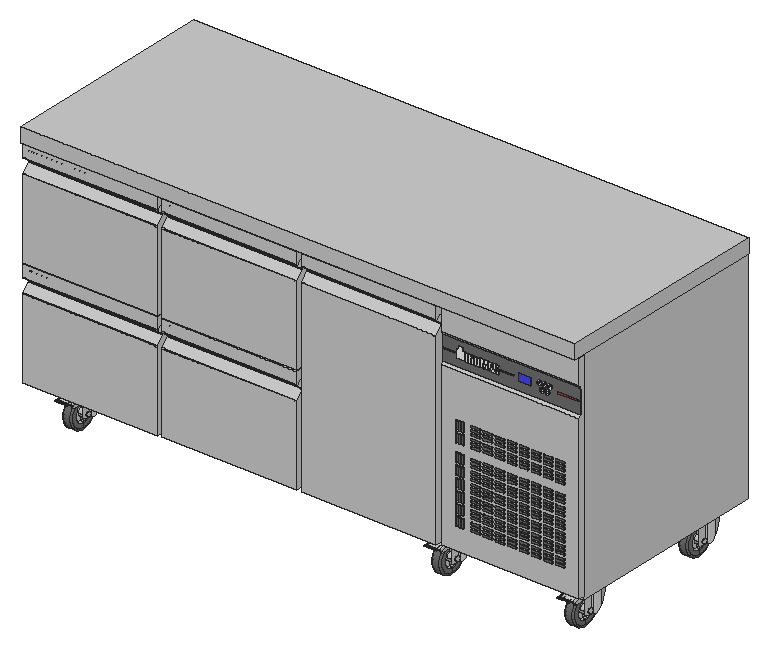
Revit family "QF_INOMAK_PNRP999_250513024609", category Specialty Equipment, Revit 2021 (continued)
Definition of nested family "QF_INOMAK_REF_COUNTERS_DOORS_DRAWERS_25919"
  Definition of nested family "2_Drawers_1-2"
    Forms (mm)
      Extrusion 1, solid, material <- "Finish", visible <- "2 Drawers"
        sketch origin (35, 0, 0) x (0, -1, 0) y (0, 0, 1)
          loop
            line (690, 602) -> (690, 960.365)
            arc (690, 960.365) -> (689.866, 961.037) -> (689.485, 961.607) r 1.757
            line (689.485, 961.607) -> (666.663, 984.429)
            arc (666.663, 984.429) -> (665.976, 985.458) -> (665.734, 986.672) r 3.172
            line (665.734, 986.672) -> (665.734, 1013.576)
            arc (665.734, 1013.576) -> (666.433, 1015.262) -> (668.119, 1015.961) r 2.385
            line (668.119, 1015.961) -> (680.029, 1015.961) -> (686.544, 1006.657)
            arc (686.544, 1006.657) -> (688.671, 1005.935) -> (690, 1007.747) r 1.9
            line (690, 1007.747) -> (690, 1046) -> (648, 1046) -> (648, 602) -> (690, 602)
        from 0 to -1130
      Extrusion 2, solid, visible <- "2 Drawers", detail levels coarse
        sketch origin (0, -640.463, 602) x (0, 1, 0) y (-1, 0, 0)
          loop
            line (-49.537, -35) -> (-624.537, -35) -> (-624.537, -1165) -> (-49.537, -1165) -> (-49.537, -35)
        from 0 to 444
      Extrusion 3, solid, visible <- "2 Drawers", detail levels coarse
        sketch origin (0, -700, 154) x (-1, 0, 0) y (0, 1, 0)
          loop
            line (-35, 10) -> (-1165, 10) -> (-1165, -565) -> (-35, -565) -> (-35, 10)
        from 0 to -444
      Extrusion 4, solid, material <- "Finish", visible <- "2 Drawers"
        sketch origin (35, 0, -441.333) x (0, -1, 0) y (0, 0, 1)
          loop
            line (690, 595.333) -> (690, 953.698)
            arc (690, 953.698) -> (689.866, 954.37) -> (689.485, 954.94) r 1.757
            line (689.485, 954.94) -> (666.663, 977.763)
            arc (666.663, 977.763) -> (665.976, 978.792) -> (665.734, 980.006) r 3.172
            line (665.734, 980.006) -> (665.734, 1006.909)
            arc (665.734, 1006.909) -> (666.433, 1008.596) -> (668.119, 1009.294) r 2.385
            line (668.119, 1009.294) -> (680.029, 1009.294) -> (686.544, 999.991)
            arc (686.544, 999.991) -> (688.671, 999.268) -> (690, 1001.08) r 1.9
            line (690, 1001.08) -> (690, 1039.333) -> (648, 1039.333) -> (648, 595.333) -> (690, 595.333)
        from 0 to -1130
    Lines and regions (mm)
      symbolic lines, visible <- "2 Drawers"
        curve 1: line (35, -940, 900) -> (35, -980, 900)
        curve 2: line (35, -980, 900) -> (1165, -980, 900)
        curve 3: line (1165, -980, 900) -> (1165, -940, 900)
        curve 4: line (1165, -940, 900) -> (35, -940, 900)
        curve 5: line (1135, -940, 900) -> (1135, -700, 900)
        curve 6: line (65, -940, 900) -> (65, -700, 900)
        curve 7: line (35, -1225, 900) -> (35, -1265, 900)
        curve 8: line (35, -1265, 900) -> (1165, -1265, 900)
        curve 9: line (1165, -1265, 900) -> (1165, -1225, 900)
        curve 10: line (1165, -1225, 900) -> (35, -1225, 900)
        curve 11: line (1135, -1225, 900) -> (1135, -980, 900)
        curve 12: line (65, -1225, 900) -> (65, -980, 900)
    Dimensions and locks
      "Length Actual": plane 3 "Left" to plane 4 "Right"
      "Depth Actual": plane 5 "Front" to plane 1 "Back"
      "Height Actual": plane 6 "Top" to plane 8 "Legs top"
      "Front inset": plane 7 "Front legs" to plane 5 "Front"
      "Plinth height": plane 8 "Legs top" to plane 2
      "Rear inset": plane 9 "Backsplash thickness" to plane 1 "Back"
      "Right panel thickness": plane 11 "Right panel" to plane 4 "Right"
      "Left panel thickness": plane 3 "Left" to plane 10 "Left panel"
      "Top inset": plane 6 "Top" to plane 13
      "Bottom inset": plane 16 to plane 8 "Legs top"
      equal spacing: plane 16, plane 12, plane 13
      locked: plane 14 to plane 12 at 2
      locked: plane 15 to plane 12 at 2
      aligned and locked: level to plane 2
      aligned and locked: Extrusion 1 to plane 11 "Right panel"
      aligned and locked: plane 10 "Left panel" to curve 1
      aligned and locked: plane 10 "Left panel" to curve 7
      aligned and locked: Extrusion 2 sketch curve to plane 10 "Left panel"
      aligned and locked: plane 11 "Right panel" to Extrusion 2 sketch curve
      aligned and locked: Extrusion 3 sketch curve to plane 10 "Left panel"
      aligned and locked: plane 11 "Right panel" to Extrusion 3 sketch curve
      aligned and locked: Extrusion 2 to plane 13
      aligned and locked: Extrusion 4 to plane 11 "Right panel"
      aligned and locked: Extrusion 3 to plane 15
      aligned and locked: Extrusion 1 sketch curve to plane 13
      aligned and locked: Extrusion 1 sketch curve to plane 7 "Front legs"
      aligned and locked: plane 14 to Extrusion 1 sketch curve
      aligned and locked: Extrusion 4 sketch curve to plane 15
      aligned and locked: Extrusion 4 sketch curve to plane 7 "Front legs"
      aligned and locked: Extrusion 4 sketch curve to plane 16
    Automatic sketch dimensions
      Extrusion 2 sketch curve to plane 7 "Front legs" = 0 mm
      Extrusion 2 sketch curve to plane 5 "Front" = 565 mm
      Extrusion 3 sketch curve to plane 7 "Front legs" = 0 mm
      Extrusion 3 sketch curve to plane 5 "Front" = 565 mm
      curve 9 to plane 11 "Right panel" = 0 mm
      curve 2 to plane 11 "Right panel" = 0 mm
      curve 5 to plane 5 "Front" = 0 mm
      curve 6 to plane 5 "Front" = 0 mm
      curve 1 to plane 5 "Front" = 240 mm
      curve 3 to curve 3 = 40 mm
      curve 7 to curve 1 = 245 mm
      curve 8 to curve 9 = 40 mm
      plane 11 "Right panel" to curve 5 = 30 mm
      curve 2 to curve 11 = 30 mm
      curve 6 to plane 10 "Left panel" = 30 mm
      curve 12 to plane 10 "Left panel" = 30 mm
      Extrusion 1 sketch curve to Extrusion 1 sketch curve = 17.734 mm
      Extrusion 1 sketch curve to Extrusion 1 sketch curve = 0.929 mm
      Extrusion 1 sketch curve to Extrusion 1 sketch curve = 2.385 mm
      Extrusion 1 sketch curve to Extrusion 1 sketch curve = 3.172 mm
      Extrusion 1 sketch curve to Extrusion 1 sketch curve = 11.91 mm
      Extrusion 1 sketch curve to Extrusion 1 sketch curve = 6.515 mm
      Extrusion 1 sketch curve to Extrusion 1 sketch curve = 1.556 mm
      Extrusion 1 sketch curve to Extrusion 1 sketch curve = 21.58 mm
      Extrusion 1 sketch curve to Extrusion 1 sketch curve = 1.242 mm
      Extrusion 1 sketch curve to Extrusion 1 sketch curve = 1.9 mm
      Extrusion 1 sketch curve to Extrusion 1 sketch curve = 0.515 mm
      Extrusion 1 sketch curve to Extrusion 1 sketch curve = 22.822 mm
      Extrusion 1 sketch curve to Extrusion 1 sketch curve = 19.985 mm
      Extrusion 1 sketch curve to Extrusion 1 sketch curve = 6.919 mm
      Extrusion 1 sketch curve to Extrusion 1 sketch curve = 30.039 mm
      Extrusion 4 sketch curve to plane 7 "Front legs" = 0 mm
      plane 7 "Front legs" to Extrusion 4 sketch curve = 0.515 mm
      plane 7 "Front legs" to Extrusion 4 sketch curve = 1.757 mm
      plane 7 "Front legs" to Extrusion 4 sketch curve = 1.9 mm
      Extrusion 4 sketch curve to Extrusion 4 sketch curve = 1.556 mm
      plane 7 "Front legs" to Extrusion 4 sketch curve = 9.971 mm
      plane 7 "Front legs" to Extrusion 4 sketch curve = 21.094 mm
      Extrusion 4 sketch curve to Extrusion 4 sketch curve = 11.91 mm
      Extrusion 4 sketch curve to Extrusion 4 sketch curve = 2.243 mm
      Extrusion 4 sketch curve to Extrusion 4 sketch curve = 2.385 mm
      Extrusion 4 sketch curve to Extrusion 4 sketch curve = 20.119 mm
      Extrusion 4 sketch curve to Extrusion 4 sketch curve = 22.822 mm
      Extrusion 4 sketch curve to Extrusion 4 sketch curve = 19.985 mm
      Extrusion 4 sketch curve to Extrusion 4 sketch curve = 6.919 mm
      Extrusion 4 sketch curve to Extrusion 4 sketch curve = 30.039 mm
  Definition of nested family "2_Drawers_1-3_2-3"
    Parameters (values of type "2 Drawers 1-3 and 2-3")
      URL = "www.specifiglobal.com"
      Top inset [instance] = 4 mm
      Right panel thickness [instance] = 35 mm
      Rear inset [instance] = 10 mm
      Plinth height [instance] = 150 mm
      Model = ""
      Manufacturer = "DEMO CONSULTANT"
      Length Actual [instance] = 1200 mm
      Left panel thickness [instance] = 35 mm
      Height Actual [instance] = 900 mm
      Front inset [instance] = 10 mm
      Finish = none
      Doors drawers type [instance] = 5
      Description = ""
      Depth Actual [instance] = 700 mm
      Default Elevation = 0 mm
      Bottom inset [instance] = 4 mm
      Assembly Code = "E1090320"
      2 Drawers 1-3 and 2-3 [instance] = Doors drawers type = 5  # yes
    Reference planes
      plane 1 "Back": y = 0
      plane 2: z = 0
      plane 3 "Left": x = 0
      plane 4 "Right": x = 1200
      plane 5 "Front": y = -700
      plane 6 "Top": z = 1050
      plane 7 "Front legs": y = -690
      plane 8 "Legs top": z = 150
      plane 9 "Backsplash thickness": y = -10
      plane 10 "Left panel": x = 35
      plane 11 "Right panel": x = 1165
      plane 12: z = 1046
      plane 13: z = 751.833
      plane 14: z = 746.833
      plane 15: z = 154
      plane 16: z = 450.667
      plane 17: z = 152
      plane 18: z = 1048
      plane 19: z = 749.333
    Forms (mm)
      Extrusion 1, solid, material <- "Finish", visible <- "2 Drawers 1-3 and 2-3"
        sketch origin (35, 0, 0) x (0, -1, 0) y (0, 0, 1)
          loop
            line (690, 751.833) -> (690, 960.365)
            arc (690, 960.365) -> (689.866, 961.037) -> (689.485, 961.607) r 1.757
            line (689.485, 961.607) -> (666.663, 984.429)
            arc (666.663, 984.429) -> (665.976, 985.458) -> (665.734, 986.672) r 3.172
            line (665.734, 986.672) -> (665.734, 1013.576)
            arc (665.734, 1013.576) -> (666.433, 1015.262) -> (668.119, 1015.961) r 2.385
            line (668.119, 1015.961) -> (680.029, 1015.961) -> (686.544, 1006.657)
            arc (686.544, 1006.657) -> (688.671, 1005.935) -> (690, 1007.747) r 1.9
            line (690, 1007.747) -> (690, 1046) -> (648, 1046) -> (648, 751.833) -> (690, 751.833)
        from 0 to -1130
      Extrusion 2, solid, visible <- "2 Drawers 1-3 and 2-3", detail levels coarse
        sketch origin (0, -640.463, 751.833) x (0, 1, 0) y (-1, 0, 0)
          loop
            line (-49.537, -35) -> (-624.537, -35) -> (-624.537, -1165) -> (-49.537, -1165) -> (-49.537, -35)
        from 0 to 294.167
      Extrusion 3, solid, visible <- "2 Drawers 1-3 and 2-3", detail levels coarse
        sketch origin (0, -700, 154) x (-1, 0, 0) y (0, 1, 0)
          loop
            line (-35, 10) -> (-1165, 10) -> (-1165, -565) -> (-35, -565) -> (-35, 10)
        from 0 to -592.833
      Extrusion 4, solid, material <- "Finish", visible <- "2 Drawers 1-3 and 2-3"
        sketch origin (35, 0, -441.333) x (0, -1, 0) y (0, 0, 1)
          loop
            line (690, 595.333) -> (690, 1101.698)
            arc (690, 1101.698) -> (689.866, 1102.37) -> (689.485, 1102.94) r 1.757
            line (689.485, 1102.94) -> (666.663, 1126.596)
            arc (666.663, 1126.596) -> (665.976, 1127.625) -> (665.734, 1128.839) r 3.172
            line (665.734, 1128.839) -> (665.734, 1155.743)
            arc (665.734, 1155.743) -> (666.433, 1157.429) -> (668.119, 1158.128) r 2.385
            line (668.119, 1158.128) -> (680.029, 1158.128) -> (686.544, 1148.824)
            arc (686.544, 1148.824) -> (688.671, 1148.102) -> (690, 1149.914) r 1.9
            line (690, 1149.914) -> (690, 1188.167) -> (648, 1188.167) -> (648, 595.333) -> (690, 595.333)
        from 0 to -1130
    Lines and regions (mm)
      symbolic lines, visible <- "2 Drawers 1-3 and 2-3"
        curve 1: line (35, -1000, 900) -> (35, -1040, 900)
        curve 2: line (35, -1040, 900) -> (1165, -1040, 900)
        curve 3: line (1165, -1040, 900) -> (1165, -1000, 900)
        curve 4: line (1165, -1000, 900) -> (35, -1000, 900)
        curve 5: line (1135, -1000, 900) -> (1135, -700, 900)
        curve 6: line (65, -1000, 900) -> (65, -700, 900)
        curve 7: line (35, -1225, 900) -> (35, -1265, 900)
        curve 8: line (35, -1265, 900) -> (1165, -1265, 900)
        curve 9: line (1165, -1265, 900) -> (1165, -1225, 900)
        curve 10: line (1165, -1225, 900) -> (35, -1225, 900)
        curve 11: line (1135, -1225, 900) -> (1135, -1040, 900)
        curve 12: line (65, -1225, 900) -> (65, -1040, 900)
    Dimensions and locks
      "Length Actual": plane 3 "Left" to plane 4 "Right"
      "Depth Actual": plane 5 "Front" to plane 1 "Back"
      "Height Actual": plane 6 "Top" to plane 8 "Legs top"
      "Front inset": plane 7 "Front legs" to plane 5 "Front"
      "Plinth height": plane 8 "Legs top" to plane 2
      "Rear inset": plane 9 "Backsplash thickness" to plane 1 "Back"
      "Right panel thickness": plane 11 "Right panel" to plane 4 "Right"
      "Left panel thickness": plane 3 "Left" to plane 10 "Left panel"
      "Top inset": plane 6 "Top" to plane 12
      locked: plane 13 to plane 14 at 5
      "Bottom inset": plane 15 to plane 8 "Legs top"
      equal spacing: plane 17, plane 16, plane 19, plane 18
      equal spacing: plane 12, plane 18, plane 6 "Top"
      equal spacing: plane 14, plane 19, plane 13
      equal spacing: plane 15, plane 17, plane 8 "Legs top"
      aligned and locked: level to plane 2
      aligned and locked: Extrusion 1 to plane 11 "Right panel"
      aligned and locked: plane 10 "Left panel" to curve 1
      aligned and locked: plane 10 "Left panel" to curve 7
      aligned and locked: Extrusion 2 sketch curve to plane 10 "Left panel"
      aligned and locked: plane 11 "Right panel" to Extrusion 2 sketch curve
      aligned and locked: Extrusion 3 sketch curve to plane 10 "Left panel"
      aligned and locked: plane 11 "Right panel" to Extrusion 3 sketch curve
      aligned and locked: Extrusion 2 to plane 12
      aligned and locked: Extrusion 4 to plane 11 "Right panel"
      aligned and locked: Extrusion 3 to plane 14
      aligned and locked: plane 13 to Extrusion 1 sketch curve
      aligned and locked: Extrusion 2 to Extrusion 1 sketch curve
      aligned and locked: Extrusion 3 to Extrusion 4 sketch curve
      aligned and locked: Extrusion 4 sketch curve to Extrusion 3  (x2)
      aligned and locked: Extrusion 1 sketch curve to plane 7 "Front legs"
    Automatic sketch dimensions
      Extrusion 2 sketch curve to plane 7 "Front legs" = 0 mm
      Extrusion 2 sketch curve to plane 5 "Front" = 565 mm
      Extrusion 3 sketch curve to plane 7 "Front legs" = 0 mm
      Extrusion 3 sketch curve to plane 5 "Front" = 565 mm
      curve 9 to plane 11 "Right panel" = 0 mm
      curve 2 to plane 11 "Right panel" = 0 mm
      curve 5 to plane 5 "Front" = 0 mm
      curve 6 to plane 5 "Front" = 0 mm
      curve 1 to plane 5 "Front" = 300 mm
      curve 3 to curve 3 = 40 mm
      curve 7 to curve 1 = 185 mm
      curve 8 to curve 9 = 40 mm
      plane 11 "Right panel" to curve 5 = 30 mm
      curve 11 to curve 5 = 0 mm
      curve 6 to plane 10 "Left panel" = 30 mm
      curve 12 to curve 6 = 0 mm
      Extrusion 1 sketch curve to plane 7 "Front legs" = 0 mm
      plane 7 "Front legs" to Extrusion 1 sketch curve = 0.515 mm
      plane 7 "Front legs" to Extrusion 1 sketch curve = 1.757 mm
      plane 7 "Front legs" to Extrusion 1 sketch curve = 1.9 mm
      Extrusion 1 sketch curve to Extrusion 1 sketch curve = 1.556 mm
      plane 7 "Front legs" to Extrusion 1 sketch curve = 9.971 mm
      plane 7 "Front legs" to Extrusion 1 sketch curve = 21.094 mm
      Extrusion 1 sketch curve to Extrusion 1 sketch curve = 11.91 mm
      Extrusion 1 sketch curve to Extrusion 1 sketch curve = 2.243 mm
      Extrusion 1 sketch curve to Extrusion 1 sketch curve = 2.385 mm
      Extrusion 1 sketch curve to Extrusion 1 sketch curve = 20.119 mm
      plane 12 to Extrusion 1 sketch curve = 85.635 mm
      Extrusion 1 sketch curve to Extrusion 1 sketch curve = 22.822 mm
      Extrusion 1 sketch curve to Extrusion 1 sketch curve = 19.985 mm
      Extrusion 1 sketch curve to Extrusion 1 sketch curve = 6.919 mm
      plane 12 to Extrusion 1 sketch curve = 0 mm
      Extrusion 4 sketch curve to plane 7 "Front legs" = 0 mm
      plane 7 "Front legs" to Extrusion 4 sketch curve = 0.515 mm
      plane 7 "Front legs" to Extrusion 4 sketch curve = 1.9 mm
      Extrusion 4 sketch curve to Extrusion 4 sketch curve = 1.556 mm
      plane 7 "Front legs" to Extrusion 4 sketch curve = 9.971 mm
      plane 7 "Front legs" to Extrusion 4 sketch curve = 21.094 mm
      Extrusion 4 sketch curve to Extrusion 4 sketch curve = 11.91 mm
      Extrusion 4 sketch curve to Extrusion 4 sketch curve = 2.243 mm
      Extrusion 4 sketch curve to Extrusion 4 sketch curve = 2.385 mm
      Extrusion 4 sketch curve to Extrusion 4 sketch curve = 20.119 mm
      Extrusion 4 sketch curve to Extrusion 4 sketch curve = 86.469 mm
      Extrusion 4 sketch curve to Extrusion 4 sketch curve = 23.656 mm
      Extrusion 4 sketch curve to Extrusion 4 sketch curve = 19.985 mm
      Extrusion 4 sketch curve to Extrusion 4 sketch curve = 6.919 mm
      plane 7 "Front legs" to Extrusion 4 sketch curve = 1.757 mm
  Definition of nested family "Sliding_Doors"
    Parameters (values of type "Sliding doors")
      URL = "www.specifiglobal.com"
      Top inset [instance] = 4 mm
      Sliding doors [instance] = Doors drawers type = 2  # yes
      Right panel thickness [instance] = 35 mm
      Rear inset [instance] = 10 mm
      Plinth height [instance] = 150 mm
      Model = ""
      Manufacturer = "DEMO CONSULTANT"
      Length Actual [instance] = 1200 mm
      Left panel thickness [instance] = 35 mm
      Height Actual [instance] = 900 mm
      Front inset [instance] = 10 mm
      Finish [instance] = none
      Doors drawers type [instance] = 2
      Description = ""
      Depth Actual [instance] = 700 mm
      Default Elevation = 0 mm
      Bottom inset [instance] = 4 mm
      Assembly Code = "E1090320"
    Reference planes
      plane 1 "Back": y = 0
      plane 2: z = 0
      plane 3 "Left": x = 0
      plane 4 "Right": x = 1200
      plane 5 "Front": y = -700
      plane 6 "Top": z = 1050
      plane 7 "Front legs": y = -690
      plane 8 "Legs top": z = 150
      plane 9 "Backsplash thickness": y = -10
      plane 10: x = 35
      plane 11: x = 1165
      plane 12 "Center Left-Right": x = 600
      plane 13: z = 154
      plane 14: z = 1046
    Forms (mm)
      Extrusion 1, solid, material <- "Finish", visible <- "Sliding doors"
        sketch origin (0, -690, 154) x (-1, 0, 0) y (0, 1, 0)
          loop
            line (-35, 10) -> (-35, 20) -> (-620, 20) -> (-620, 0) -> (-91.156, 0)
            arc (-91.156, 0) -> (-85.272, 0.885) -> (-79.91, 3.461) r 20
            line (-79.91, 3.461) -> (-60, 17) -> (-38, 17) -> (-38, 10)
            arc (-38, 10) -> (-40.05, 5.05) -> (-45, 3) r 7
            line (-45, 3) -> (-50.012, 3) -> (-50.012, 0) -> (-45, 0)
            arc (-45, 0) -> (-37.929, 2.929) -> (-35, 10) r 10
        from 0 to -892
      Extrusion 2, solid, material <- "Finish", visible <- "Sliding doors"
        sketch origin (0, -689, 154) x (-1, 0, 0) y (0, 1, 0)
          loop
            arc (-1065, 30) -> (-1062.071, 22.929) -> (-1055, 20) r 10
            line (-1055, 20) -> (-1049.988, 20) -> (-1049.988, 23) -> (-1055, 23)
            arc (-1055, 23) -> (-1059.95, 25.05) -> (-1062, 30) r 7
            line (-1062, 30) -> (-1062, 37) -> (-1040, 37) -> (-1020.09, 23.461)
            arc (-1020.09, 23.461) -> (-1014.728, 20.885) -> (-1008.844, 20) r 20
            line (-1008.844, 20) -> (-480, 20) -> (-480, 40) -> (-1065, 40) -> (-1065, 30)
        from 0 to -892
    Lines and regions (mm)
      symbolic lines, visible <- "Sliding doors"
        curve 1: line (1065, -649, 150) -> (480, -649, 150)
        curve 2: line (1065, -669, 150) -> (1065, -649, 150)
        curve 3: line (480, -669, 150) -> (1065, -669, 150)
        curve 4: line (480, -649, 150) -> (480, -669, 150)
        curve 5: line (620, -690, 150) -> (35, -690, 150)
        curve 6: line (620, -670, 150) -> (620, -690, 150)
        curve 7: line (35, -670, 150) -> (620, -670, 150)
        curve 8: line (35, -690, 150) -> (35, -670, 150)
    Dimensions and locks
      "Length Actual": plane 3 "Left" to plane 4 "Right"
      "Depth Actual": plane 5 "Front" to plane 1 "Back"
      "Height Actual": plane 6 "Top" to plane 8 "Legs top"
      "Front inset": plane 7 "Front legs" to plane 5 "Front"
      "Plinth height": plane 8 "Legs top" to plane 2
      "Rear inset": plane 9 "Backsplash thickness" to plane 1 "Back"
      "Right panel thickness": plane 11 to plane 4 "Right"
      "Left panel thickness": plane 3 "Left" to plane 10
      equal spacing: plane 10, plane 12 "Center Left-Right", plane 11
      "Top inset": plane 6 "Top" to plane 14
      "Bottom inset": plane 13 to plane 8 "Legs top"
      locked: plane 12 "Center Left-Right" to curve 4 at 120
      locked: plane 12 "Center Left-Right" to curve 5 at 20
      locked: plane 11 to curve 1 at 100
      aligned and locked: level to plane 2
      aligned and locked: Extrusion 1 sketch curve to plane 7 "Front legs"
      aligned and locked: Extrusion 1 sketch curve to plane 10
      aligned and locked: Extrusion 1 to plane 14
      aligned and locked: Extrusion 2 to plane 14
      aligned and locked: curve 8 to plane 10
    Automatic sketch dimensions
      Extrusion 2 sketch curve to Extrusion 2 sketch curve = 0 mm  (x2)
      plane 11 to Extrusion 2 sketch curve = 100 mm
      Extrusion 2 sketch curve to Extrusion 2 sketch curve = 3 mm
      Extrusion 2 sketch curve to Extrusion 2 sketch curve = 7 mm  (x2)
      Extrusion 2 sketch curve to Extrusion 2 sketch curve = 5.012 mm
      plane 7 "Front legs" to Extrusion 2 sketch curve = 38 mm
      Extrusion 2 sketch curve to Extrusion 2 sketch curve = 15 mm
      plane 7 "Front legs" to Extrusion 2 sketch curve = 24.461 mm
      Extrusion 2 sketch curve to Extrusion 2 sketch curve = 19.91 mm
      Extrusion 2 sketch curve to Extrusion 2 sketch curve = 11.246 mm
      Extrusion 2 sketch curve to plane 12 "Center Left-Right" = 120 mm
      Extrusion 2 sketch curve to Extrusion 2 sketch curve = 16.539 mm
      Extrusion 2 sketch curve to Extrusion 2 sketch curve = 20 mm
      Extrusion 1 sketch curve to Extrusion 1 sketch curve = 0 mm  (x2)
      Extrusion 1 sketch curve to plane 7 "Front legs" = 0 mm
      Extrusion 1 sketch curve to plane 10 = 3 mm
      Extrusion 1 sketch curve to Extrusion 1 sketch curve = 7 mm
      Extrusion 1 sketch curve to Extrusion 1 sketch curve = 5.012 mm
      Extrusion 1 sketch curve to Extrusion 1 sketch curve = 15 mm
      plane 7 "Front legs" to Extrusion 1 sketch curve = 3.461 mm
      Extrusion 1 sketch curve to Extrusion 1 sketch curve = 19.91 mm
      Extrusion 1 sketch curve to Extrusion 1 sketch curve = 11.246 mm
      plane 12 "Center Left-Right" to Extrusion 1 sketch curve = 20 mm
      Extrusion 1 sketch curve to Extrusion 1 sketch curve = 20 mm
      Extrusion 1 sketch curve to Extrusion 1 sketch curve = 3 mm
      curve 8 to plane 7 "Front legs" = 0 mm
      curve 5 to curve 6 = 20 mm
      plane 7 "Front legs" to curve 2 = 21 mm
      curve 2 to curve 2 = 20 mm
  Definition of nested family "4_Drawers_1-4"
    Parameters (values of type "4 Drawers 1-4")
      URL = "www.specifiglobal.com"
      Top inset [instance] = 4 mm
      Right panel thickness [instance] = 35 mm
      Rear inset [instance] = 10 mm
      Plinth height [instance] = 150 mm
      Model = ""
      Manufacturer = "DEMO CONSULTANT"
      Length Actual [instance] = 1200 mm
      Left panel thickness [instance] = 35 mm
      Height Actual [instance] = 900 mm
      Front inset [instance] = 10 mm
      Finish [instance] = none
      Doors drawers type [instance] = 7
      Description = ""
      Depth Actual [instance] = 700 mm
      Default Elevation = 0 mm
      Bottom inset [instance] = 4 mm
      Assembly Code = "E1090320"
      4 Drawers [instance] = Doors drawers type = 7  # yes
    Reference planes
      plane 1 "Back": y = 0
      plane 2: z = 0
      plane 3 "Left": x = 0
      plane 4 "Right": x = 1200
      plane 5 "Front": y = -700
      plane 6 "Top": z = 1050
      plane 7 "Front legs": y = -690
      plane 8 "Legs top": z = 150
      plane 9 "Backsplash thickness": y = -10
      plane 10 "Left panel": x = 35
      plane 11 "Right panel": x = 1165
      plane 12: z = 824.25
      plane 13: z = 1046
      plane 14: z = 826.083
      plane 15: z = 822.417
      plane 16: z = 1048.5
      plane 17: z = 375.75
      plane 18: z = 377.917
      plane 19: z = 373.583
      plane 20: z = 154
      plane 21: z = 151.5
      plane 22: z = 600
      plane 23: z = 601.833
      plane 24: z = 598.167
    Forms (mm)
      Extrusion 1, solid, material <- "Finish", visible <- "4 Drawers"
        sketch origin (35, 0, -1) x (0, -1, 0) y (0, 0, 1)
          loop
            line (680, 1047) -> (670, 1047) -> (670, 827.083) -> (690, 827.083) -> (690, 990.844)
            arc (690, 990.844) -> (689.115, 996.728) -> (686.539, 1002.09) r 20
            line (686.539, 1002.09) -> (673, 1022) -> (673, 1044) -> (680, 1044)
            arc (680, 1044) -> (684.95, 1041.95) -> (687, 1037) r 7
            line (687, 1037) -> (687, 1031.988) -> (690, 1031.988) -> (690, 1037)
            arc (690, 1037) -> (687.071, 1044.071) -> (680, 1047) r 10
        from 0 to -1130
      Extrusion 2, solid, visible <- "4 Drawers", detail levels coarse
        sketch origin (0, -640.463, 826.083) x (0, 1, 0) y (-1, 0, 0)
          loop
            line (-49.537, -35) -> (-624.537, -35) -> (-624.537, -1165) -> (-49.537, -1165) -> (-49.537, -35)
        from 0 to 219.917
      Extrusion 3, solid, visible <- "4 Drawers", detail levels coarse
        sketch origin (0, -700, 154) x (-1, 0, 0) y (0, 1, 0)
          loop
            line (-35, 10) -> (-1165, 10) -> (-1165, -565) -> (-35, -565) -> (-35, 10)
        from 0 to -219.583
      Extrusion 4, solid, material <- "Finish", visible <- "4 Drawers"
        sketch origin (35, 0, -440.333) x (0, -1, 0) y (0, 0, 1)
          loop
            line (680, 813.917) -> (670, 813.917) -> (670, 594.333) -> (690, 594.333) -> (690, 757.761)
            arc (690, 757.761) -> (689.115, 763.644) -> (686.539, 769.007) r 20
            line (686.539, 769.007) -> (673, 788.917) -> (673, 810.917) -> (680, 810.917)
            arc (680, 810.917) -> (684.95, 808.866) -> (687, 803.917) r 7
            line (687, 803.917) -> (687, 798.904) -> (690, 798.904) -> (690, 803.917)
            arc (690, 803.917) -> (687.071, 810.988) -> (680, 813.917) r 10
        from 0 to -1130
      Extrusion 5, solid, material <- "Finish", visible <- "4 Drawers"
        sketch origin (35, 0, -165.333) x (0, -1, 0) y (0, 0, 1)
          loop
            line (680, 987.75) -> (670, 987.75) -> (670, 767.167) -> (690, 767.167) -> (690, 931.594)
            arc (690, 931.594) -> (689.115, 937.478) -> (686.539, 942.84) r 20
            line (686.539, 942.84) -> (673, 962.75) -> (673, 984.75) -> (680, 984.75)
            arc (680, 984.75) -> (684.95, 982.7) -> (687, 977.75) r 7
            line (687, 977.75) -> (687, 972.738) -> (690, 972.738) -> (690, 977.75)
            arc (690, 977.75) -> (687.071, 984.821) -> (680, 987.75) r 10
        from 0 to -1130
      Extrusion 6, solid, material <- "Finish", visible <- "4 Drawers"
        sketch origin (35, 0, -330.333) x (0, -1, 0) y (0, 0, 1)
          loop
            line (680, 928.5) -> (670, 928.5) -> (670, 708.25) -> (690, 708.25) -> (690, 872.344)
            arc (690, 872.344) -> (689.115, 878.228) -> (686.539, 883.59) r 20
            line (686.539, 883.59) -> (673, 903.5) -> (673, 925.5) -> (680, 925.5)
            arc (680, 925.5) -> (684.95, 923.45) -> (687, 918.5) r 7
            line (687, 918.5) -> (687, 913.488) -> (690, 913.488) -> (690, 918.5)
            arc (690, 918.5) -> (687.071, 925.571) -> (680, 928.5) r 10
        from 0 to -1130
      Extrusion 7, solid, visible <- "4 Drawers", detail levels coarse
        sketch origin (0, -500.463, 601.833) x (0, 1, 0) y (-1, 0, 0)
          loop
            line (-189.537, -35) -> (-764.537, -35) -> (-764.537, -1165) -> (-189.537, -1165) -> (-189.537, -35)
        from 0 to 220.583
      Extrusion 8, solid, visible <- "4 Drawers", detail levels coarse
        sketch origin (0, -540.463, 377.917) x (0, 1, 0) y (-1, 0, 0)
          loop
            line (-149.537, -35) -> (-724.537, -35) -> (-724.537, -1165) -> (-149.537, -1165) -> (-149.537, -35)
        from 0 to 220.25
    Lines and regions (mm)
      symbolic lines, visible <- "4 Drawers"
        curve 1: line (35, -945, 900) -> (35, -985, 900)
        curve 2: line (35, -985, 900) -> (1165, -985, 900)
        curve 3: line (1165, -985, 900) -> (1165, -945, 900)
        curve 4: line (1165, -945, 900) -> (35, -945, 900)
        curve 5: line (1135, -945, 900) -> (1135, -845, 900)
        curve 6: line (65, -945, 900) -> (65, -845, 900)
        curve 7: line (35, -1085, 900) -> (35, -1125, 900)
        curve 8: line (35, -1125, 900) -> (1165, -1125, 900)
        curve 9: line (1165, -1125, 900) -> (1165, -1085, 900)
        curve 10: line (1165, -1085, 900) -> (35, -1085, 900)
        curve 11: line (1135, -1085, 900) -> (1135, -985, 900)
        curve 12: line (65, -1085, 900) -> (65, -985, 900)
        curve 13: line (35, -1225, 900) -> (35, -1265, 900)
        curve 14: line (35, -1265, 900) -> (1165, -1265, 900)
        curve 15: line (1165, -1265, 900) -> (1165, -1225, 900)
        curve 16: line (1165, -1225, 900) -> (35, -1225, 900)
        curve 17: line (1135, -1225, 900) -> (1135, -1125, 900)
        curve 18: line (65, -1225, 900) -> (65, -1125, 900)
        curve 19: line (35, -805, 900) -> (35, -845, 900)
        curve 20: line (35, -845, 900) -> (1165, -845, 900)
        curve 21: line (1165, -845, 900) -> (1165, -805, 900)
        curve 22: line (1165, -805, 900) -> (35, -805, 900)
        curve 23: line (65, -805, 900) -> (65, -700, 900)
        curve 24: line (1135, -805, 900) -> (1135, -700, 900)
    Dimensions and locks
      "Length Actual": plane 3 "Left" to plane 4 "Right"
      "Depth Actual": plane 5 "Front" to plane 1 "Back"
      "Height Actual": plane 6 "Top" to plane 8 "Legs top"
      "Front inset": plane 7 "Front legs" to plane 5 "Front"
      "Plinth height": plane 8 "Legs top" to plane 2
      "Rear inset": plane 9 "Backsplash thickness" to plane 1 "Back"
      "Right panel thickness": plane 11 "Right panel" to plane 4 "Right"
      "Left panel thickness": plane 3 "Left" to plane 10 "Left panel"
      locked: plane 14 to plane 15 at 3.667
      equal spacing: plane 14, plane 12, plane 15
      locked: plane 23 to plane 24 at 3.667
      equal spacing: plane 23, plane 22, plane 24
      "Bottom inset": plane 20 to plane 8 "Legs top"
      equal spacing: plane 19, plane 17, plane 18
      locked: plane 19 to plane 18 at 4.333
      equal spacing: plane 21, plane 17, plane 22, plane 12, plane 16
      locked: plane 13 to plane 16 at 2.5
      "Top inset": plane 13 to plane 6 "Top"
      locked: plane 21 to plane 20 at 2.5
      aligned and locked: level to plane 2
      aligned and locked: plane 7 "Front legs" to Extrusion 1 sketch curve  (x2)
      aligned and locked: Extrusion 1 to plane 11 "Right panel"
      aligned and locked: Extrusion 1 sketch curve to plane 13
      aligned and locked: Extrusion 1 sketch curve to plane 14
      aligned and locked: plane 10 "Left panel" to curve 1
      aligned and locked: plane 10 "Left panel" to curve 7
      aligned and locked: plane 10 "Left panel" to curve 13
      aligned and locked: Extrusion 2 sketch curve to plane 10 "Left panel"
      aligned and locked: plane 11 "Right panel" to Extrusion 2 sketch curve
      aligned and locked: Extrusion 3 sketch curve to plane 10 "Left panel"
      aligned and locked: plane 11 "Right panel" to Extrusion 3 sketch curve
      aligned and locked: Extrusion 2 to plane 13
      aligned and locked: Extrusion 3 to plane 19
      aligned and locked: plane 20 to Extrusion 4 sketch curve
      aligned and locked: Extrusion 4 to plane 11 "Right panel"
      aligned and locked: Extrusion 5 sketch curve to plane 15
      aligned and locked: plane 7 "Front legs" to Extrusion 5 sketch curve
      aligned and locked: Extrusion 5 sketch curve to plane 23
      aligned and locked: Extrusion 6 sketch curve to plane 24
      aligned and locked: plane 7 "Front legs" to Extrusion 6 sketch curve
      aligned and locked: Extrusion 6 sketch curve to plane 18
      aligned and locked: Extrusion 7 to plane 15
      aligned and locked: Extrusion 8 to plane 24
      aligned and locked: Extrusion 5 to plane 11 "Right panel"
      aligned and locked: Extrusion 6 to plane 11 "Right panel"
    Automatic sketch dimensions
      Extrusion 1 sketch curve to Extrusion 1 sketch curve = 0 mm  (x2)
      plane 7 "Front legs" to Extrusion 1 sketch curve = 3 mm
      plane 7 "Front legs" to Extrusion 1 sketch curve = 3.461 mm
      plane 7 "Front legs" to Extrusion 1 sketch curve = 10 mm
      Extrusion 1 sketch curve to Extrusion 1 sketch curve = 7 mm
      plane 7 "Front legs" to Extrusion 1 sketch curve = 20 mm  (x2)
      Extrusion 1 sketch curve to Extrusion 1 sketch curve = 46.156 mm
      Extrusion 1 sketch curve to Extrusion 1 sketch curve = 15 mm
      Extrusion 1 sketch curve to Extrusion 1 sketch curve = 5.012 mm
      Extrusion 2 sketch curve to plane 7 "Front legs" = 0 mm
      Extrusion 2 sketch curve to plane 5 "Front" = 565 mm
      Extrusion 3 sketch curve to plane 7 "Front legs" = 0 mm
      Extrusion 3 sketch curve to plane 5 "Front" = 565 mm
      Extrusion 5 sketch curve to Extrusion 5 sketch curve = 0 mm  (x2)
      Extrusion 5 sketch curve to plane 7 "Front legs" = 0 mm
      plane 7 "Front legs" to Extrusion 5 sketch curve = 3 mm
      plane 7 "Front legs" to Extrusion 5 sketch curve = 3.461 mm
      plane 7 "Front legs" to Extrusion 5 sketch curve = 10 mm
      Extrusion 5 sketch curve to Extrusion 5 sketch curve = 7 mm
      plane 7 "Front legs" to Extrusion 5 sketch curve = 20 mm  (x2)
      Extrusion 5 sketch curve to Extrusion 5 sketch curve = 46.156 mm
      Extrusion 5 sketch curve to Extrusion 5 sketch curve = 15 mm
      Extrusion 5 sketch curve to Extrusion 5 sketch curve = 5.012 mm
      Extrusion 6 sketch curve to Extrusion 6 sketch curve = 0 mm  (x2)
      Extrusion 6 sketch curve to plane 7 "Front legs" = 0 mm
      plane 7 "Front legs" to Extrusion 6 sketch curve = 3 mm
      plane 7 "Front legs" to Extrusion 6 sketch curve = 3.461 mm
      plane 7 "Front legs" to Extrusion 6 sketch curve = 10 mm
      Extrusion 6 sketch curve to Extrusion 6 sketch curve = 7 mm
      plane 7 "Front legs" to Extrusion 6 sketch curve = 20 mm  (x2)
      Extrusion 6 sketch curve to Extrusion 6 sketch curve = 46.156 mm
      Extrusion 6 sketch curve to Extrusion 6 sketch curve = 15 mm
      Extrusion 6 sketch curve to Extrusion 6 sketch curve = 5.012 mm
      curve 14 to plane 11 "Right panel" = 0 mm
      curve 8 to plane 11 "Right panel" = 0 mm
      curve 2 to plane 11 "Right panel" = 0 mm
      curve 21 to plane 11 "Right panel" = 0 mm
      curve 20 to plane 10 "Left panel" = 0 mm
      curve 23 to plane 5 "Front" = 0 mm
      curve 24 to plane 5 "Front" = 0 mm
      curve 21 to plane 5 "Front" = 105 mm
      curve 20 to curve 21 = 40 mm
      curve 3 to curve 20 = 100 mm
      curve 3 to curve 3 = 40 mm
      curve 10 to curve 1 = 100 mm
      curve 9 to curve 9 = 40 mm
      curve 15 to curve 8 = 100 mm
      curve 15 to curve 15 = 40 mm
      plane 11 "Right panel" to curve 24 = 30 mm
      curve 8 to curve 17 = 30 mm
      curve 11 to curve 17 = 0 mm
      curve 23 to plane 10 "Left panel" = 30 mm
      curve 12 to curve 6 = 0 mm
      curve 18 to curve 12 = 0 mm
      Extrusion 4 sketch curve to Extrusion 4 sketch curve = 0 mm  (x2)
      plane 19 to Extrusion 4 sketch curve = 0 mm
      Extrusion 4 sketch curve to plane 7 "Front legs" = 0 mm  (x2)
      plane 7 "Front legs" to Extrusion 4 sketch curve = 3 mm
      plane 7 "Front legs" to Extrusion 4 sketch curve = 3.461 mm
      plane 7 "Front legs" to Extrusion 4 sketch curve = 10 mm
      Extrusion 4 sketch curve to Extrusion 4 sketch curve = 7 mm
      plane 7 "Front legs" to Extrusion 4 sketch curve = 20 mm  (x2)
      Extrusion 4 sketch curve to Extrusion 4 sketch curve = 46.156 mm
      Extrusion 4 sketch curve to Extrusion 4 sketch curve = 15 mm
      Extrusion 4 sketch curve to Extrusion 4 sketch curve = 5.012 mm
      Extrusion 7 sketch curve to plane 10 "Left panel" = 0 mm
      Extrusion 7 sketch curve to plane 11 "Right panel" = 0 mm
      Extrusion 7 sketch curve to plane 7 "Front legs" = 0 mm
      Extrusion 7 sketch curve to plane 5 "Front" = 565 mm
      Extrusion 8 sketch curve to plane 10 "Left panel" = 0 mm
      Extrusion 8 sketch curve to plane 11 "Right panel" = 0 mm
      Extrusion 8 sketch curve to plane 7 "Front legs" = 0 mm
      Extrusion 8 sketch curve to plane 5 "Front" = 565 mm
      curve 6 to plane 10 "Left panel" = 30 mm
      curve 5 to curve 24 = 0 mm
  Definition of nested family "Hinged_Doors"
    Parameters (values of type "Hinged doors")
      URL = "www.specifiglobal.com"
      Top inset [instance] = 4 mm
      Right panel thickness [instance] = 35 mm
      Rear inset [instance] = 10 mm
      Plinth height [instance] = 150 mm
      Model = ""
      Manufacturer = "DEMO CONSULTANT"
      Length Actual [instance] = 1200 mm
      Left panel thickness [instance] = 35 mm
      Hinged doors [instance] = Doors drawers type = 3  # yes
      Height Actual [instance] = 900 mm
      Front inset [instance] = 10 mm
      Finish [instance] = none
      Doors drawers type [instance] = 3
      Description = ""
      Depth Actual [instance] = 700 mm
      Default Elevation = 0 mm
      Bottom inset [instance] = 4 mm
      Assembly Code = "E1090320"
    Reference planes
      plane 1 "Back": y = 0
      plane 2: z = 0
      plane 3 "Left": x = 0
      plane 4 "Right": x = 1200
      plane 5 "Front": y = -700
      plane 6 "Top": z = 1050
      plane 7 "Front legs": y = -690
      plane 8 "Legs top": z = 150
      plane 9 "Backsplash thickness": y = -10
      plane 10: x = 35
      plane 11: x = 1165
      plane 12 "Center Left-Right": x = 600
      plane 13: x = 597.5
      plane 14: x = 602.5
      plane 15: z = 154
      plane 16: z = 1046
    Forms (mm)
      Extrusion 1, solid, material <- "Finish", visible <- "Hinged doors"
        sketch origin (35, -2307.849, 4000) x (0, -1, 0) y (0, 0, 1)
          loop
            line (-1627.849, -2954) -> (-1637.849, -2954) -> (-1637.849, -3846) -> (-1617.849, -3846) -> (-1617.849, -3010.156)
            arc (-1617.849, -3010.156) -> (-1618.734, -3004.272) -> (-1621.31, -2998.91) r 20
            line (-1621.31, -2998.91) -> (-1634.849, -2979) -> (-1634.849, -2957) -> (-1627.849, -2957)
            arc (-1627.849, -2957) -> (-1622.899, -2959.05) -> (-1620.849, -2964) r 7
            line (-1620.849, -2964) -> (-1620.849, -2969.012) -> (-1617.849, -2969.012) -> (-1617.849, -2964)
            arc (-1617.849, -2964) -> (-1620.778, -2956.929) -> (-1627.849, -2954) r 10
        from 0 to -562.5
      Extrusion 2, solid, visible <- "Hinged doors", detail levels coarse
        sketch origin (0, -700, 154) x (-1, 0, 0) y (0, 1, 0)
          loop
            line (-35, 10) -> (-597.5, 10)
            arc (-597.5, 10) -> (-432.748, -387.748) -> (-35, -552.5) r 562.5
            line (-35, -552.5) -> (-35, 10)
        from 0 to -892
      Extrusion 3, solid, material <- "Finish", visible <- "Hinged doors"
        sketch origin (1165, -2312.576, 4000) x (0, -1, 0) y (0, 0, 1)
          loop
            line (-1632.576, -2954) -> (-1642.576, -2954) -> (-1642.576, -3846) -> (-1622.576, -3846) -> (-1622.576, -3010.156)
            arc (-1622.576, -3010.156) -> (-1623.46, -3004.272) -> (-1626.037, -2998.91) r 20
            line (-1626.037, -2998.91) -> (-1639.576, -2979) -> (-1639.576, -2957) -> (-1632.576, -2957)
            arc (-1632.576, -2957) -> (-1627.626, -2959.05) -> (-1625.576, -2964) r 7
            line (-1625.576, -2964) -> (-1625.576, -2969.012) -> (-1622.576, -2969.012) -> (-1622.576, -2964)
            arc (-1622.576, -2964) -> (-1625.504, -2956.929) -> (-1632.576, -2954) r 10
        from 0 to 562.5
      Extrusion 4, solid, visible <- "Hinged doors", detail levels coarse
        sketch origin (0, -700, 154) x (-1, 0, 0) y (0, 1, 0)
          loop
            line (-1165, 10) -> (-1165, -552.5)
            arc (-1165, -552.5) -> (-767.252, -387.748) -> (-602.5, 10) r 562.5
            line (-602.5, 10) -> (-1165, 10)
        from 0 to -892
    Lines and regions (mm)
      symbolic lines, visible <- "Hinged doors"
        curve 1: line (35, -700, 150) -> (35, -1252.5, 150)
        curve 2: arc (35, -1252.5, 150) -> (429.196, -1091.268, 150) -> (597.411, -700, 150) r 562.5
        curve 3: arc (602.589, -700, 150) -> (770.804, -1091.268, 150) -> (1165, -1252.5, 150) r 562.5
        curve 4: line (1165, -1252.5, 150) -> (1165, -700, 150)
    Dimensions and locks
      "Length Actual": plane 3 "Left" to plane 4 "Right"
      "Depth Actual": plane 5 "Front" to plane 1 "Back"
      "Height Actual": plane 6 "Top" to plane 8 "Legs top"
      "Front inset": plane 7 "Front legs" to plane 5 "Front"
      "Plinth height": plane 8 "Legs top" to plane 2
      "Rear inset": plane 9 "Backsplash thickness" to plane 1 "Back"
      "Right panel thickness": plane 11 to plane 4 "Right"
      "Left panel thickness": plane 3 "Left" to plane 10
      equal spacing: plane 10, plane 12 "Center Left-Right", plane 11
      plane 13 to plane 12 "Center Left-Right" = 2.5 mm
      plane 12 "Center Left-Right" to plane 14 = 2.5 mm
      "Bottom inset": plane 15 to plane 8 "Legs top"
      "Top inset": plane 16 to plane 6 "Top"
      aligned and locked: level to plane 2
      aligned and locked: Extrusion 1 to plane 13
      aligned and locked: plane 10 to Extrusion 2 sketch curve
      aligned and locked: plane 13 to Extrusion 2 sketch curve
      aligned and locked: plane 7 "Front legs" to Extrusion 2 sketch curve  (x2)
      aligned and locked: plane 14 to Extrusion 3
      aligned and locked: Extrusion 2 to curve 1
      aligned and locked: curve 2 to Extrusion 2
      aligned and locked: curve 3 to Extrusion 4
      aligned and locked: curve 4 to Extrusion 4
      aligned and locked: plane 5 "Front" to curve 1
      aligned and locked: plane 5 "Front" to curve 2
      aligned and locked: plane 5 "Front" to curve 3
      aligned and locked: plane 5 "Front" to curve 4
      aligned and locked: Extrusion 4 to plane 16
      aligned and locked: Extrusion 2 to plane 16
      aligned and locked: Extrusion 1 sketch curve to plane 16
      aligned and locked: Extrusion 1 sketch curve to plane 15
      aligned and locked: Extrusion 3 sketch curve to plane 15
      aligned and locked: Extrusion 3 sketch curve to plane 16
    Automatic sketch dimensions
      Extrusion 1 sketch curve to Extrusion 1 sketch curve = 0 mm  (x2)
      Extrusion 1 sketch curve to plane 7 "Front legs" = 0 mm  (x2)
      plane 7 "Front legs" to Extrusion 1 sketch curve = 3 mm
      plane 7 "Front legs" to Extrusion 1 sketch curve = 3.461 mm
      plane 7 "Front legs" to Extrusion 1 sketch curve = 10 mm
      Extrusion 1 sketch curve to Extrusion 1 sketch curve = 7 mm
      plane 7 "Front legs" to Extrusion 1 sketch curve = 20 mm  (x2)
      Extrusion 1 sketch curve to Extrusion 1 sketch curve = 46.156 mm
      Extrusion 1 sketch curve to Extrusion 1 sketch curve = 15 mm
      Extrusion 1 sketch curve to Extrusion 1 sketch curve = 5.012 mm
      Extrusion 3 sketch curve to Extrusion 3 sketch curve = 0 mm  (x2)
      Extrusion 3 sketch curve to plane 7 "Front legs" = 0 mm  (x2)
      Extrusion 3 sketch curve to Extrusion 3 sketch curve = 3 mm
      plane 7 "Front legs" to Extrusion 3 sketch curve = 3.461 mm
      plane 7 "Front legs" to Extrusion 3 sketch curve = 10 mm
      Extrusion 3 sketch curve to Extrusion 3 sketch curve = 7 mm
      Extrusion 3 sketch curve to Extrusion 3 sketch curve = 16.539 mm
      Extrusion 3 sketch curve to Extrusion 3 sketch curve = 20 mm
      Extrusion 3 sketch curve to Extrusion 3 sketch curve = 46.156 mm
      Extrusion 3 sketch curve to Extrusion 3 sketch curve = 15 mm
      Extrusion 3 sketch curve to Extrusion 3 sketch curve = 5.012 mm
      Extrusion 4 sketch curve to plane 11 = 0 mm
      Extrusion 4 sketch curve to plane 7 "Front legs" = 0 mm
      Extrusion 4 sketch curve to plane 14 = 0 mm
  Definition of nested family "Hopper"
    Parameters (values of type "Hopper")
      URL = "www.specifiglobal.com"
      Top inset [instance] = 4 mm
      Right panel thickness [instance] = 35 mm
      Rear inset [instance] = 10 mm
      Plinth height [instance] = 150 mm
      Model = ""
      Manufacturer = "DEMO CONSULTANT"
      Length Actual [instance] = 700 mm
      Left panel thickness [instance] = 35 mm
      Hopper [instance] = Doors drawers type = 10  # yes
      Height Actual [instance] = 900 mm
      Front inset [instance] = 10 mm
      Finish [instance] = none
      Doors drawers type [instance] = 10
      Description = ""
      Depth Actual [instance] = 700 mm
      Default Elevation = 0 mm
      Bottom inset [instance] = 4 mm
      Assembly Code = "E1090320"
      2 Drawers = yes
    Reference planes
      plane 1 "Back": y = 0
      plane 2: z = 0
      plane 3 "Left": x = 0
      plane 4 "Right": x = 700
      plane 5 "Front": y = -700
      plane 6 "Top": z = 1050
      plane 7 "Front legs": y = -690
      plane 8 "Legs top": z = 150
      plane 9 "Backsplash thickness": y = -10
      plane 10 "Left panel": x = 35
      plane 11 "Right panel": x = 665
      plane 12: z = 1046
      plane 13: z = 154
    Forms (mm)
      Extrusion 1, solid, material <- "Finish", visible <- "Hopper"
        sketch origin (35, 0, 0) x (0, -1, 0) y (0, 0, 1)
          loop
            line (690, 154) -> (690, 960.365)
            arc (690, 960.365) -> (689.866, 961.037) -> (689.485, 961.607) r 1.757
            line (689.485, 961.607) -> (666.663, 984.429)
            arc (666.663, 984.429) -> (665.976, 985.458) -> (665.734, 986.672) r 3.172
            line (665.734, 986.672) -> (665.734, 1013.576)
            arc (665.734, 1013.576) -> (666.433, 1015.262) -> (668.119, 1015.961) r 2.385
            line (668.119, 1015.961) -> (680.029, 1015.961) -> (686.544, 1006.657)
            arc (686.544, 1006.657) -> (688.671, 1005.935) -> (690, 1007.747) r 1.9
            line (690, 1007.747) -> (690, 1046) -> (648, 1046) -> (648, 154) -> (690, 154)
        from 0 to -630
      Extrusion 2, solid, visible <- "Hopper", detail levels coarse
        sketch origin (35, 0, 0) x (0, -1, 0) y (0, 0, 1)
          loop
            line (690, 154) -> (1265, 154) -> (1265, 1046) -> (690, 1046) -> (690, 154)
        from 0 to -630
    Lines and regions (mm)
      symbolic lines, visible <- "Hopper"
        curve 1: line (35, -1225, 900) -> (35, -1265, 900)
        curve 2: line (35, -1265, 900) -> (665, -1265, 900)
        curve 3: line (665, -1265, 900) -> (665, -1225, 900)
        curve 4: line (665, -1225, 900) -> (35, -1225, 900)
        curve 5: line (635, -1225, 900) -> (635, -700, 900)
        curve 6: line (65, -1225, 900) -> (65, -700, 900)
    Dimensions and locks
      "Length Actual": plane 3 "Left" to plane 4 "Right"
      "Depth Actual": plane 5 "Front" to plane 1 "Back"
      "Height Actual": plane 6 "Top" to plane 8 "Legs top"
      "Front inset": plane 7 "Front legs" to plane 5 "Front"
      "Plinth height": plane 8 "Legs top" to plane 2
      "Rear inset": plane 9 "Backsplash thickness" to plane 1 "Back"
      "Right panel thickness": plane 11 "Right panel" to plane 4 "Right"
      "Left panel thickness": plane 3 "Left" to plane 10 "Left panel"
      "Top inset": plane 12 to plane 6 "Top"
      "Bottom inset": plane 13 to plane 8 "Legs top"
      aligned and locked: level to plane 2
      aligned and locked: Extrusion 1 to plane 11 "Right panel"
      aligned and locked: Extrusion 2 to plane 11 "Right panel"
      aligned and locked: plane 10 "Left panel" to Extrusion 2
      aligned and locked: Extrusion 1 sketch curve to plane 12
      aligned and locked: Extrusion 1 sketch curve to Extrusion 2
      aligned and locked: Extrusion 1 sketch curve to plane 13
    Automatic sketch dimensions
      Extrusion 1 sketch curve to Extrusion 1 sketch curve = 17.734 mm
      Extrusion 1 sketch curve to Extrusion 1 sketch curve = 0.929 mm
      Extrusion 1 sketch curve to Extrusion 1 sketch curve = 2.385 mm
      Extrusion 1 sketch curve to Extrusion 1 sketch curve = 3.172 mm
      Extrusion 1 sketch curve to Extrusion 1 sketch curve = 11.91 mm
      Extrusion 1 sketch curve to Extrusion 1 sketch curve = 6.515 mm
      Extrusion 1 sketch curve to Extrusion 1 sketch curve = 1.556 mm
      Extrusion 1 sketch curve to Extrusion 1 sketch curve = 21.58 mm
      Extrusion 1 sketch curve to Extrusion 1 sketch curve = 1.242 mm
      Extrusion 1 sketch curve to Extrusion 1 sketch curve = 1.9 mm
      Extrusion 1 sketch curve to Extrusion 1 sketch curve = 0.515 mm
      Extrusion 1 sketch curve to Extrusion 1 sketch curve = 22.822 mm
      Extrusion 1 sketch curve to Extrusion 1 sketch curve = 19.985 mm
      Extrusion 1 sketch curve to Extrusion 1 sketch curve = 6.919 mm
      Extrusion 1 sketch curve to Extrusion 1 sketch curve = 30.039 mm
      Extrusion 2 sketch curve to plane 7 "Front legs" = 0 mm
      plane 13 to Extrusion 2 sketch curve = 0 mm
      plane 12 to Extrusion 2 sketch curve = 0 mm
      Extrusion 2 sketch curve to plane 5 "Front" = 565 mm
      curve 1 to plane 10 "Left panel" = 0 mm
      curve 2 to plane 11 "Right panel" = 0 mm
      curve 6 to plane 5 "Front" = 0 mm
      curve 5 to plane 5 "Front" = 0 mm
      curve 4 to plane 5 "Front" = 525 mm
      curve 3 to curve 3 = 40 mm
      plane 11 "Right panel" to curve 5 = 30 mm
      curve 6 to plane 10 "Left panel" = 30 mm
Definition of nested family "QF_INOMAK_REF_COUNTERS_WORKTOPS_35390"
  Parameters (values of type "WTWA-1545-700")
    Worktop without backsplash [instance] = Worktop type = 3  # no
    Worktop with backsplash [instance] = Worktop type = 2  # yes
    Worktop type [instance] = 2
    Worktop thickness [instance] = 46 mm
    Without worktop [instance] = or(Worktop type > 3, Worktop type < 2)  # no
    Weight [instance] = 0.00 kg
    Warranty Start Date [instance] = ""
    Warranty Duration [instance] = ""
    URL Cutsheet [instance] = ""
    URL = "www.inomak.com"
    Technical Documentation [instance] = ""
    Tag Number [instance] = ""
    Status [instance] = ""
    Specification by User [instance] = ""
    Specification by Manufacturer [instance] = ""
    Sound Level [instance] = ""
    Solid Fuel Type [instance] = ""
    Show Logo [instance] = yes
    Show Clearances [instance] = yes
    Service Life Duration [instance] = ""
    Serial Number [instance] = ""
    Seismic Rating [instance] = ""
    SMACNA No [instance] = ""
    Revision Code [instance] = ""
    Revision [instance] = ""
    Production Year [instance] = ""
    Point Load [instance] = 0
    Other Equipment Approvals [instance] = ""
    NAFEM Spec ID Number [instance] = ""
    Model Warning [instance] = ""
    Model = "WTWA"
    Masterspec [instance] = ""
    Manufacturer = "INOMAK"
    Length Actual [instance] = 1546 mm
    Item Number [instance] = ""
    Installed By [instance] = ""
    Installation Date [instance] = ""
    Identify Quantity as Lot [instance] = yes
    ID [instance] = ""
    Hygiene Approval [instance] = ""
    Height Actual [instance] = 0 mm
    Height AFF [instance] = 0 mm
    Furnished By [instance] = ""
    Foodservice Equipment Identifier [instance] = yes
    Finish [instance] = none
    ETL Approved [instance] = yes
    Description = "WORKTOP WITH UPSTAND"
    Depth Actual [instance] = 700 mm
    Default Elevation = 0 mm
    CSI MasterFormat [instance] = ""
    CE Approved [instance] = yes
    Barcode [instance] = ""
    Backsplash thickness [instance] = 20 mm
    Backsplash height [instance] = 60 mm
    Author [instance] = ""
    Asset Identifier [instance] = ""
    Assembly Code = "E1090320"
    Accessory [instance] = yes
  Types (40, lengths in mm): name | Worktop without backsplash | Worktop with backsplash | Worktop type | Worktop thickness | Without worktop | Model | Length Actual | Description | Depth Actual
    WTWT-2240-700 | yes | no | 3 | 46 | no | "WTWT" | 2242 | "STANDARD WORKTOP" | 700
    WTWA-2240-700 | no | yes | 2 | 46 | no | "WTWA" | 2242 | "WORKTOP WITH UPSTAND" | 700
    WOWT-2240-700 | no | no | 1 | 46 | yes | "WOWT" | 2242 | "WITHOUT WORKTOP" | 700
    WTWA-1790-700 | no | yes | 2 | 46 | no | "WTWA" | 1792 | "WORKTOP WITH UPSTAND" | 700
    WTWA-1345-700 | no | yes | 2 | 46 | no | "WTWA" | 1342 | "WORKTOP WITH UPSTAND" | 700
    WOWT-1790-700 | no | no | 1 | 46 | yes | "WOWT" | 1792 | "WITHOUT WORKTOP" | 700
    WOWT-1345-700 | no | no | 1 | 46 | yes | "WOWT" | 1342 | "WITHOUT WORKTOP" | 700
    WTWT-1790-700 | yes | no | 3 | 46 | no | "WTWT" | 1792 | "STANDARD WORKTOP" | 700
    WTWT-1345-700 | yes | no | 3 | 46 | no | "WTWT" | 1342 | "STANDARD WORKTOP" | 700
    WTWA-1080-700 | no | yes | 2 | 46 | no | "WTWA" | 1080 | "WORKTOP WITH UPSTAND" | 700
    WTWT-1080-700 | yes | no | 3 | 46 | no | "WTWT" | 1080 | "STANDARD WORKTOP" | 700
    WTWA-1080-700-80 | no | yes | 2 | 80 | no | "WTWA-80" | 1080 | "WORKTOP WITH UPSTAND, 80CM DEEP WORKTOP" | 700
    WTWT-1080-700-80 | yes | no | 3 | 80 | no | "WTWT-80" | 1080 | "WORKTOP WITH 80CM DEEP" | 700
    WOWT-1345-600 | no | no | 1 | 46 | yes | "WOWT" | 1342 | "WITHOUT WORKTOP" | 600
    WOWT-1790-600 | no | no | 1 | 46 | yes | "WOWT" | 1792 | "WITHOUT WORKTOP" | 600
    WOWT-2240-600 | no | no | 1 | 46 | yes | "WOWT" | 2242 | "WITHOUT WORKTOP" | 600
    WTWA-1345-600 | no | yes | 2 | 46 | no | "WTWA" | 1342 | "WORKTOP WITH UPSTAND" | 600
    WTWA-1790-600 | no | yes | 2 | 46 | no | "WTWA" | 1792 | "WORKTOP WITH UPSTAND" | 600
    WTWA-2240-600 | no | yes | 2 | 46 | no | "WTWA" | 2242 | "WORKTOP WITH UPSTAND" | 600
    WTWT-1345-600 | yes | no | 3 | 46 | no | "WTWT" | 1342 | "STANDARD WORKTOP" | 600
    WTWT-1790-600 | yes | no | 3 | 46 | no | "WTWT" | 1792 | "STANDARD WORKTOP" | 600
    WTWT-2240-600 | yes | no | 3 | 46 | no | "WTWT" | 2242 | "STANDARD WORKTOP" | 600
    WOWT-1105-700 | no | no | 1 | 46 | yes | "WOWT" | 1103 | "WITHOUT WORKTOP" | 700
    WTWA-1105-700 | no | yes | 2 | 46 | no | "WTWA" | 1103 | "WORKTOP WITH UPSTAND" | 700
    WTWT-1105-700 | yes | no | 3 | 46 | no | "WTWT" | 1103 | "STANDARD WORKTOP" | 700
    WOWT-1545-700 | no | no | 1 | 46 | yes | "WOWT" | 1546 | "WITHOUT WORKTOP" | 700
    WOWT-1995-700 | no | no | 1 | 46 | yes | "WOWT" | 1996 | "WITHOUT WORKTOP" | 700
    WTWA-1545-700 | no | yes | 2 | 46 | no | "WTWA" | 1546 | "WORKTOP WITH UPSTAND" | 700
    WTWA-1995-700 | no | yes | 2 | 46 | no | "WTWA" | 1996 | "WORKTOP WITH UPSTAND" | 700
    WTWT-1545-700 | yes | no | 3 | 46 | no | "WTWT" | 1546 | "STANDARD WORKTOP" | 700
    WTWT-1995-700 | yes | no | 3 | 46 | no | "WTWT" | 1996 | "STANDARD WORKTOP" | 700
    WTWA-1105-600 | no | yes | 2 | 46 | no | "WTWA" | 1103 | "WORKTOP WITH UPSTAND" | 600
    WTWT-1105-600 | yes | no | 3 | 46 | no | "WTWT" | 1103 | "STANDARD WORKTOP" | 600
    WOWT-1105-600 | no | no | 1 | 46 | yes | "WOWT" | 1103 | "WITHOUT WORKTOP" | 600
    WOWT-1545-600 | no | no | 1 | 46 | yes | "WOWT" | 1546 | "WITHOUT WORKTOP" | 600
    WTWA-1545-600 | no | yes | 2 | 46 | no | "WTWA" | 1546 | "WORKTOP WITH UPSTAND" | 600
    WTWT-1545-600 | yes | no | 3 | 46 | no | "WTWT" | 1546 | "STANDARD WORKTOP" | 600
    WTWT-1995-600 | yes | no | 3 | 46 | no | "WTWT" | 1996 | "STANDARD WORKTOP" | 600
    WTWA-1995-600 | no | yes | 2 | 46 | no | "WTWA" | 1996 | "WORKTOP WITH UPSTAND" | 600
    WOWT-1995-600 | no | no | 1 | 46 | yes | "WOWT" | 1996 | "WITHOUT WORKTOP" | 600
  Reference planes
    plane 1 "Back": y = 0
    plane 2: z = 0
    plane 3 "Left": x = 0
    plane 4 "Right": x = 1546
    plane 5 "Front": y = -700
    plane 6 "Top": z = 46
    plane 7 "Backsplash thickness": y = -20
    plane 8 "Worktop bottom": z = 0
    plane 9 "Upright height": z = 106
    plane 10 "Center Left Right": x = 773
  Lines and regions (mm)
    reference lines
      curve 1: line (773, 0, 106) -> (773, -20, 106)
      curve 2: line (0, -700, 46) -> (1546, -700, 46)
      curve 3: line (1546, -700, 46) -> (1546, 0, 46)
      curve 4: line (0, -700, 46) -> (0, 0, 46)
      curve 5: line (0, 0, 46) -> (1546, 0, 46)
      curve 6: line (773, 0, 0) -> (773, -700, 0)
  Dimensions and locks
    "Length Actual": plane 3 "Left" to plane 4 "Right"
    "Depth Actual": plane 5 "Front" to plane 1 "Back"
    "Backsplash thickness": plane 7 "Backsplash thickness" to plane 1 "Back"
    "Worktop thickness": plane 6 "Top" to plane 8 "Worktop bottom"
    "Backsplash height": plane 9 "Upright height" to plane 6 "Top"
    "Backsplash height": curve 1 to plane 6 "Top"
    "Depth Actual": curve 2 to plane 1 "Back"
    "Length Actual": plane 3 "Left" to curve 3
    "Length Actual": curve 4 to plane 4 "Right"
    "Depth Actual": curve 5 to plane 5 "Front"
    equal spacing: plane 3 "Left", plane 10 "Center Left Right", plane 4 "Right"
    "Height AFF": plane 8 "Worktop bottom" to plane 2
    "Height AFF": curve 6 to plane 2
    aligned and locked: level to plane 2
    aligned and locked: plane 3 "Left" to nested 1
    aligned and locked: plane 1 "Back" to nested 1
  Automatic sketch dimensions
    curve 6 to plane 1 "Back" = 0 mm
    curve 1 to plane 1 "Back" = 0 mm
    curve 1 to plane 7 "Backsplash thickness" = 0 mm
    curve 6 to plane 5 "Front" = 0 mm
  Nested families
    nested 1: "Worktop" at (0, 0, 0), Length Actual <- "Length Actual", Depth Actual <- "Depth Actual", Height AFF <- "Height AFF", Worktop thickness <- "Worktop thickness", Backsplash thickness <- "Backsplash thickness", Backsplash height <- "Backsplash height", type "without backsplash"
      with Worktop thickness 46 mm, Length Actual 1546 mm, Height AFF 0 mm, Depth Actual 700 mm, Backsplash thickness 20 mm, Backsplash height 60 mm, Worktop without backsplash no, Worktop with backsplash yes
  Definition of nested family "Worktop"
    Parameters (values of type "with backsplash")
      Worktop without backsplash = no
      Worktop with backsplash = yes
      Worktop thickness [instance] = 40 mm
      Without worktop = no
      URL = ""
      Model = ""
      Manufacturer = ""
      Length Actual [instance] = 1200 mm
      Height AFF [instance] = 860 mm
      Finish = none
      Description = "TABLE WITH BACKSPLASH"
      Depth Actual [instance] = 700 mm
      Default Elevation = 0 mm
      Backsplash thickness [instance] = 20 mm
      Backsplash height [instance] = 100 mm
      Assembly Code = "E1090320"
    Types (3, lengths in mm): name | Worktop without backsplash | Worktop with backsplash | Without worktop
      with backsplash | no | yes | no
      without backsplash | yes | no | no
      without worktop | no | no | yes
    Reference planes
      plane 1 "Back": y = 0
      plane 2: z = 0
      plane 3 "Left": x = 0
      plane 4 "Right": x = 1200
      plane 5 "Front": y = -700
      plane 6 "Top": z = 900
      plane 7 "Backsplash thickness": y = -20
      plane 8 "Worktop bottom": z = 860
      plane 9 "Upright height": z = 1000
      plane 10 "Center Left Right": x = 600
    Forms (mm)
      Extrusion 1, solid, material <- "Finish", visible <- "Worktop with backsplash"
        sketch origin (0, 0, 0) x (0, 1, 0) y (0, 0, 1)
          loop
            line (0, 1000) -> (-20, 1000) -> (-20, 900) -> (-700, 900) -> (-700, 860) -> (0, 860) -> (0, 1000)
        from 0 to 1200
